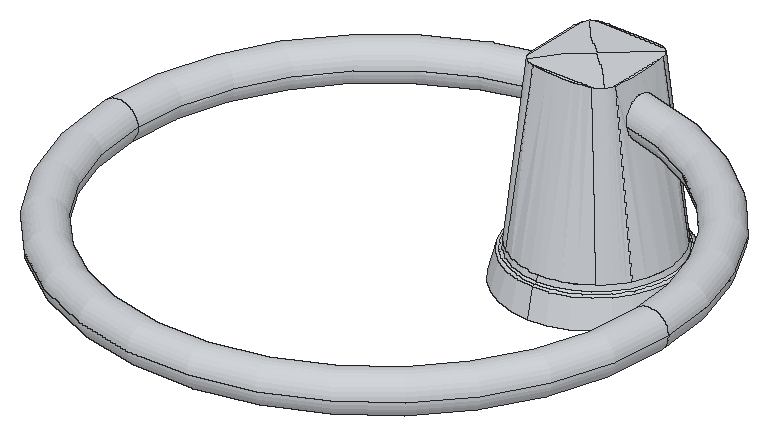
Revit family "Accessory-Towel_Ring-KOHLER-Complementary-K-5631IN_1", category Specialty Equipment, host Face, Revit 2017
Family settings
  Host = Face
  Round Connector Dimension = Use Diameter
  Part Type = Normal
  OmniClass Number = 23.31.25.00
  Cut with Voids When Loaded = No
  Shared = No
  Room Calculation Point = No
Parameters (values of type "CP-Polished Chrome")
  Width = 5.90551"  # constant formula
  WaterSense Certified = 1 = 0  # no
  URL = "https://www.kohler.co.in/"
  Type = 1
  Product Page URL = "https://www.kohler.co.in/product-detail/5631in?skuid=K-5631IN-CP"
  Product Name = "Complementary"  # constant formula
  Product Documentation Link = ""
  Model = if(Type = 1, "K-5631IN-CP", if(Type = 2, "K-5631IN-AF", "NA"))  # "K-5631IN-CP"
  Material = "Premium Metal Construction"  # constant formula
  Master Format 2014 Name = "Toilet, Bath, and Laundry Accessories"  # constant formula
  Master Format 2014 = "10 28 00"  # constant formula
  Manufacturer Address = "Ambience Office Tower NH-8 Gurgaon / Gurugram Haryana , 122001"  # constant formula
  Manufacturer = "KOHLER Co."  # constant formula
  Length = 2.08661"  # constant formula
  Height = 6.53543"  # constant formula
  Finish = Kohler-Metal-CP-Polished_Chrome
  Environmental Product Declaration = ""
  Description = "Towel Ring"  # constant formula
  Default Elevation = 42"
  Declare Label = ""
  Date Modified = "09/07/2020"  # constant formula
  Date Created = "09/07/2020"  # constant formula
  Copyright = "Copyright KOHLER Co."  # constant formula
  Contact Us = "https://www.kohler.co.in/contact-us"
  Assembly Code = "C1030200"
  ADA Compliant = 1 = 0  # no
Types (3): name | Type | Product Page URL | Model | Finish
  (no name) | 1 | "https://www.kohler.co.in/product-detail/5631in?skuid=K-5631IN-CP" | "K-5631IN-CP" | Kohler-Metal-CP-Polished_Chrome
  CP-Polished Chrome | 1 | "https://www.kohler.co.in/product-detail/5631in?skuid=K-5631IN-CP" | "K-5631IN-CP" | Kohler-Metal-CP-Polished_Chrome
  AF-Flange Gold | 2 | "https://www.kohler.co.in/product-detail/5631in?skuid=K-5631IN-AF" | "K-5631IN-AF" | Kohler-Metal-AF-Flange_Gold
Reference planes (in)
  plane 1 "Center (Front/Back)": y = 0
  plane 2: z = 0
  plane 3 "Center (Left/Right)": x = 0
  plane 4: x = 2.95276
  plane 5: x = -2.95276
  plane 6: y = 0.88583
  plane 7: y = -5.64961
  plane 8: y = -2.74016
  plane 9: z = 2.08661
  plane 10: y = -0.88583
  plane 11: z = 1.88974
  plane 12: z = 1.49539
  plane 13: x = 0.88607
  plane 14: x = -0.88607
  plane 15: z = 0.28346
Dimensions and locks (in)
  "Width": plane 5 to plane 4
  "Height": plane 6 to plane 7
  "Length": plane 9 to level
  locked: plane 10 to plane 6 at 1.77165
  aligned and locked: plane 2 to host face
  aligned and locked: level to host face
Automatic sketch dimensions
  host sketch curve to host sketch curve = 96"  (x2)
Nested families (in)
  nested 1: "K-5631IN" at (0, 0, 0), type "K-5631IN"
Definition of nested family "K-5631IN"
  Parameters (values of type "K-5631IN")
    Material = none
  Reference planes (in)
    plane 1 "Center (Front/Back)": y = 0
    plane 2: z = 0
    plane 3 "Center (Left/Right)": x = 0
    plane 4: x = 2.95276
    plane 5: z = 2.08661
    plane 6: y = 0.88583
    plane 7: y = -0.88583
    plane 8: y = -5.65354
    plane 9: z = 0.35433
    plane 10: z = 1.69291
    plane 11: z = 1.51444
    plane 12: y = -2.74016
    plane 13: x = -2.95276
  Forms (in)
    Revolve 1, solid, material <- "Material", detail levels medium+fine
      sketch origin (0, 0, 0) x (0, 1, 0) y (0, 0, 1)
        loop
          line (0.88583, 0) -> (0.81406, 0.26783)
          arc (0.81406, 0.26783) -> (0.80495, 0.28033) -> (0.7898, 0.28346) r 0.02148
          arc (0.7898, 0.28346) -> (0.77377, 0.28558) -> (0.76415, 0.29857) r 0.02069
          line (0.76415, 0.29857) -> (0.75075, 0.35433) -> (0, 0.35433) -> (0, 0) -> (0.88583, 0)
        axis (0, 0) -> (0, 0.35433)
      angle from 0 to 360
    Blend 2, solid, material <- "Material", detail levels medium+fine
      base sketch origin (0, -6.15255, 0.35433) x (0, -1, 0) y (1, 0, 0)
        loop
          arc (-6.77477, 0.42007) -> (-6.90329, -0.001) -> (-6.77365, -0.42173) r 0.75075
          arc (-6.77365, -0.42173) -> (-6.71382, -0.4986) -> (-6.64454, -0.56707) r 0.75075
          arc (-6.64454, -0.56707) -> (-6.16604, -0.75063) -> (-5.68125, -0.58438) r 0.75075
          arc (-5.68125, -0.58438) -> (-5.61384, -0.52289) -> (-5.55438, -0.45368) r 0.75075
          arc (-5.55438, -0.45368) -> (-5.40183, 0.00641) -> (-5.56221, 0.46382) r 0.75075
          arc (-5.56221, 0.46382) -> (-5.66547, 0.5713) -> (-5.78793, 0.65626) r 0.75075
          arc (-5.78793, 0.65626) -> (-6.20127, 0.74916) -> (-6.5991, 0.6035) r 0.75075
          arc (-6.5991, 0.6035) -> (-6.69475, 0.51927) -> (-6.77477, 0.42007) r 0.75075
      top sketch origin (0, -6.15255, 0.35433) x (0, -1, 0) y (1, 0, 0)
        loop
          arc (-6.5989, -0.30076) -> (-6.55368, -0.3948) -> (-6.45925, -0.43918) r 0.15569
          arc (-6.45925, -0.43918) -> (-6.15377, -0.4542) -> (-5.84826, -0.4396) r 3.15851
          arc (-5.84826, -0.4396) -> (-5.75201, -0.39447) -> (-5.70597, -0.29865) r 0.15838
          arc (-5.70597, -0.29865) -> (-5.69018, 0.00091) -> (-5.70619, 0.30046) r 2.82989
          arc (-5.70619, 0.30046) -> (-5.75163, 0.39491) -> (-5.84652, 0.43943) r 0.15631
          arc (-5.84652, 0.43943) -> (-6.15159, 0.4542) -> (-6.45667, 0.43943) r 3.15851
          arc (-6.45667, 0.43943) -> (-6.55305, 0.39419) -> (-6.59914, 0.29822) r 0.15868
          arc (-6.59914, 0.29822) -> (-6.61491, -0.00128) -> (-6.5989, -0.30076) r 2.82989
      from 0 to 1.73228
    Sweep 3, solid, material <- "Material", detail levels medium+fine
      path origin (0, 0, 1.69291) x (1, 0, 0) y (0, 1, 0)
        loop
          circle (0, -2.74016) r 2.74289
      profile origin (0, -5.48305, 1.69291) x (0, -1, 0) y (0, 0, 1)
        loop
          circle (0, 0) r 0.19685
    Extrusion 4, void
      sketch origin (0, 0, 0) x (1, 0, 0) y (0, 0, 1)
        loop
          arc (-0.42499, 2.06242) -> (0.00521, 2.08637) -> (0.43539, 2.06194) r 3.83714
          arc (0.43539, 2.06194) -> (0.47544, 2.04516) -> (0.50018, 2.00948) r 0.07753
          line (0.50018, 2.00948) -> (1.03651, 2.00948) -> (1.03651, 2.87548) -> (-1.12884, 2.87548) -> (-1.12884, 2.00948) -> (-0.50018, 2.00948)
          arc (-0.50018, 2.00948) -> (-0.46937, 2.04558) -> (-0.42499, 2.06242) r 0.09562
      from -0.63969 to 0.90873
    Extrusion 5, void
      sketch origin (0, 0, 0) x (0, 1, 0) y (0, 0, 1)
        loop
          arc (-0.43787, 2.06275) -> (-0.00103, 2.085) -> (0.43582, 2.06275) r 4.29775
          arc (0.43582, 2.06275) -> (0.48012, 2.04406) -> (0.50636, 2.00376) r 0.08208
          line (0.50636, 2.00376) -> (0.50636, 2.42485) -> (-0.50636, 2.42485) -> (-0.50636, 2.00376)
          arc (-0.50636, 2.00376) -> (-0.48138, 2.04402) -> (-0.43787, 2.06275) r 0.07899
      from -0.93717 to 1.52455
    Revolve 6, solid, material <- "Material", detail levels coarse
      sketch origin (0, 0, 0) x (1, 0, 0) y (0, 0, 1)
        loop
          line (0.88583, 0) -> (0.80999, 0.28304) -> (0.76985, 0.28304) -> (0.75075, 0.35433) -> (0, 0.35433) -> (0, 0) -> (0.88583, 0)
        axis (0, 0.35433) -> (0, 0)
      angle from 0 to 360
    Blend 7, solid, material <- "Material", detail levels coarse
      base sketch origin (0, -6.15255, 0.35433) x (0, -1, 0) y (1, 0, 0)
        loop
          arc (-6.7844, 0.40545) -> (-6.90323, -0.0095) -> (-6.77393, -0.42131) r 0.75075
          arc (-6.77393, -0.42131) -> (-6.68688, -0.52736) -> (-6.58198, -0.6158) r 0.75075
          arc (-6.58198, -0.6158) -> (-6.16165, -0.75069) -> (-5.73818, -0.62604) r 0.75075
          arc (-5.73818, -0.62604) -> (-5.63933, -0.54793) -> (-5.55492, -0.45439) r 0.75075
          arc (-5.55492, -0.45439) -> (-5.4018, -0.001) -> (-5.55371, 0.45279) r 0.75075
          arc (-5.55371, 0.45279) -> (-5.64995, 0.55769) -> (-5.76425, 0.64253) r 0.75075
          arc (-5.76425, 0.64253) -> (-6.18327, 0.75012) -> (-6.59209, 0.60862) r 0.75075
          arc (-6.59209, 0.60862) -> (-6.69779, 0.51607) -> (-6.7844, 0.40545) r 0.75075
      top sketch origin (0, -6.15255, 0.35433) x (0, -1, 0) y (1, 0, 0)
        loop
          spline (-6.60181, 0.30008) -> (-6.6079, 0.24889) -> (-6.61285, 0.19757) -> (-6.61666, 0.14615) -> (-6.61933, 0.09465) -> (-6.62086, 0.0431) -> (-6.62125, -0.00848) -> (-6.6205, -0.06005) -> (-6.6186, -0.11159) -> (-6.61557, -0.16307) -> (-6.61139, -0.21446) -> (-6.60608, -0.26574) -> (-6.59963, -0.31688)
          arc (-6.59963, -0.31688) -> (-6.55356, -0.40409) -> (-6.46218, -0.44121) r 0.14402
          spline (-6.46218, -0.44121) -> (-6.41103, -0.44716) -> (-6.35976, -0.45204) -> (-6.30838, -0.45586) -> (-6.25693, -0.4586) -> (-6.20544, -0.46027) -> (-6.15391, -0.46087) -> (-6.10239, -0.46039) -> (-6.05089, -0.45884) -> (-5.99943, -0.45621) -> (-5.94805, -0.45252) -> (-5.89676, -0.44775) -> (-5.8456, -0.44191)
          arc (-5.8456, -0.44191) -> (-5.75562, -0.40066) -> (-5.70564, -0.31522) r 0.16437
          spline (-5.70564, -0.31522) -> (-5.69907, -0.26323) -> (-5.69368, -0.2111) -> (-5.68947, -0.15884) -> (-5.68646, -0.10651) -> (-5.68464, -0.05411) -> (-5.68402, -0.00168) -> (-5.68458, 0.05074) -> (-5.68634, 0.10314) -> (-5.68929, 0.15548) -> (-5.69343, 0.20774) -> (-5.69876, 0.25988) -> (-5.70527, 0.31188)
          arc (-5.70527, 0.31188) -> (-5.75215, 0.40229) -> (-5.84564, 0.44266) r 0.15167
          spline (-5.84564, 0.44266) -> (-5.89657, 0.44801) -> (-5.94758, 0.45237) -> (-5.99868, 0.45575) -> (-6.04983, 0.45815) -> (-6.10103, 0.45956) -> (-6.15224, 0.45999) -> (-6.20345, 0.45943) -> (-6.25463, 0.45788) -> (-6.30578, 0.45535) -> (-6.35687, 0.45184) -> (-6.40787, 0.44734) -> (-6.45878, 0.44186)
          arc (-6.45878, 0.44186) -> (-6.55459, 0.39548) -> (-6.60181, 0.30008) r 0.16416
      from 0 to 1.73228
    Sweep 8, solid, material <- "Material", detail levels coarse
      path origin (0, 0, 1.69291) x (1, 0, 0) y (0, 1, 0)
        loop
          circle (0, -2.74016) r 2.74016
      profile origin (0, -5.48031, 1.69291) x (0, -1, 0) y (0, 0, 1)
        loop
          circle (0, 0) r 0.19685
  Cuts and joins
    Extrusion 4, Extrusion 5 cuts Blend 2
    joined: Blend 2, Sweep 3
    joined: Revolve 6, Blend 7, Sweep 8
  Lines and regions (in)
    Masking region 1
      outline origin (0, 0, 0) x (1, 0, 0) y (0, 0, 1)
        loop
          line (-0.88583, 0) -> (0.88583, 0) -> (0.81352, 0.26878)
          arc (0.81352, 0.26878) -> (0.80457, 0.28082) -> (0.7898, 0.28346) r 0.02036
          arc (0.7898, 0.28346) -> (0.77299, 0.28674) -> (0.76342, 0.30094) r 0.02237
          line (0.76342, 0.30094) -> (0.75075, 0.35433) -> (0.55621, 1.49539) -> (2.75591, 1.49539)
          arc (2.75591, 1.49539) -> (2.95308, 1.69256) -> (2.75591, 1.88974) r 0.19717
          line (2.75591, 1.88974) -> (0.48764, 1.88974) -> (0.4596, 2.05509)
          arc (0.4596, 2.05509) -> (0.44249, 2.06012) -> (0.42491, 2.06311) r 0.15228
          arc (0.42491, 2.06311) -> (-0.00006, 2.08637) -> (-0.42499, 2.06242) r 3.83714
          arc (-0.42499, 2.06242) -> (-0.44316, 2.05856) -> (-0.46025, 2.05127) r 0.09562
          line (-0.46025, 2.05127) -> (-0.48764, 1.88974) -> (-2.75591, 1.88974)
          arc (-2.75591, 1.88974) -> (-2.95308, 1.69256) -> (-2.75591, 1.49539) r 0.19717
          line (-2.75591, 1.49539) -> (-0.55621, 1.49539) -> (-0.75075, 0.35433) -> (-0.76342, 0.30094)
          arc (-0.76342, 0.30094) -> (-0.77299, 0.28674) -> (-0.7898, 0.28346) r 0.02237
          arc (-0.7898, 0.28346) -> (-0.80457, 0.28082) -> (-0.81379, 0.26885) r 0.02036
          line (-0.81379, 0.26885) -> (-0.88583, 0)
    Masking region 2
      outline origin (0, 0, 0) x (0, 1, 0) y (0, 0, 1)
        loop
          arc (-0.43582, 2.06275) -> (-0.45247, 2.05927) -> (-0.46805, 2.05244) r 0.08208
          line (-0.46805, 2.05244) -> (-0.49581, 1.88752) -> (-5.48359, 1.88752)
          arc (-5.48359, 1.88752) -> (-5.68044, 1.69067) -> (-5.48359, 1.49382) r 0.19685
          line (-5.48359, 1.49382) -> (-0.56206, 1.49382) -> (-0.7622, 0.30454)
          arc (-0.7622, 0.30454) -> (-0.77124, 0.28777) -> (-0.7898, 0.28346) r 0.02314
          arc (-0.7898, 0.28346) -> (-0.8048, 0.28073) -> (-0.81389, 0.26848) r 0.02075
          line (-0.81389, 0.26848) -> (-0.88583, 0) -> (0.88583, 0) -> (0.81389, 0.26848)
          arc (0.81389, 0.26848) -> (0.8048, 0.28073) -> (0.7898, 0.28346) r 0.02075
          arc (0.7898, 0.28346) -> (0.77124, 0.28777) -> (0.7622, 0.30454) r 0.02314
          line (0.7622, 0.30454) -> (0.46805, 2.05244)
          arc (0.46805, 2.05244) -> (0.45247, 2.05927) -> (0.43582, 2.06275) r 0.08208
          arc (0.43582, 2.06275) -> (-0.00103, 2.085) -> (-0.43787, 2.06275) r 4.29775
    Masking region 3
      outline origin (0, 0, 1.69291) x (1, 0, 0) y (0, 1, 0)
        loop
          arc (-0.88348, 0.06441) -> (0, -5.68059) -> (0.88348, 0.06441) r 2.94043
          arc (0.88348, 0.06441) -> (0, 0.88583) -> (-0.88348, 0.06441) r 0.88583
        loop
          arc (0.82189, -0.33042) -> (0, -0.88583) -> (-0.82189, -0.33042) r 0.88583
          arc (-0.82189, -0.33042) -> (0, -5.2862) -> (0.82189, -0.33042) r 2.54604
    symbolic lines, detail levels medium+fine
      curve 1: line (0.75075, 0, 0.35433) -> (-0.75075, 0, 0.35433)
      curve 2: line (0.7898, 0, 0.28346) -> (-0.7898, 0, 0.28346)
      curve 3: line (0, 0.7898, 0.28346) -> (0, -0.7898, 0.28346)
      curve 4: line (0, 0.75075, 0.35433) -> (0, -0.75075, 0.35433)
      curve 5: line (0, -0.56165, 1.49626) -> (0, -0.04271, 1.49626)
      curve 6: line (0, -0.49581, 1.88752) -> (0, -0.04271, 1.88752)
      curve 7: arc (0, -0.04271, 1.88752) -> (0, 0.15292, 1.69189) -> (0, -0.04271, 1.49626) r 0.19563
      curve 8: line (0, 0.75075, 0.35433) -> (0, -0.75075, 0.35433)
      curve 9: line (0, 0.7898, 0.28346) -> (0, -0.7898, 0.28346)
      curve 10: spline (0.30008, 0.44927, 1.69291) -> (0.24889, 0.45535, 1.69291) -> (0.19757, 0.4603, 1.69291) -> (0.14615, 0.46411, 1.69291) -> (0.09465, 0.46679, 1.69291) -> (0.0431, 0.46832, 1.69291) -> (-0.00848, 0.46871, 1.69291) -> (-0.06005, 0.46795, 1.69291) -> (-0.11159, 0.46606, 1.69291) -> (-0.16307, 0.46302, 1.69291) -> (-0.21446, 0.45885, 1.69291) -> (-0.26574, 0.45353, 1.69291) -> (-0.31688, 0.44709, 1.69291)
      curve 11: spline (-0.31522, -0.44691, 1.69291) -> (-0.26323, -0.45348, 1.69291) -> (-0.2111, -0.45887, 1.69291) -> (-0.15884, -0.46307, 1.69291) -> (-0.10651, -0.46608, 1.69291) -> (-0.05411, -0.4679, 1.69291) -> (-0.00168, -0.46853, 1.69291) -> (0.05074, -0.46797, 1.69291) -> (0.10314, -0.46621, 1.69291) -> (0.15548, -0.46326, 1.69291) -> (0.20774, -0.45912, 1.69291) -> (0.25988, -0.45379, 1.69291) -> (0.31188, -0.44727, 1.69291)
      curve 12: spline (0.44266, -0.3069, 1.69291) -> (0.44801, -0.25598, 1.69291) -> (0.45237, -0.20496, 1.69291) -> (0.45575, -0.15387, 1.69291) -> (0.45815, -0.10271, 1.69291) -> (0.45956, -0.05152, 1.69291) -> (0.45999, -0.00031, 1.69291) -> (0.45943, 0.0509, 1.69291) -> (0.45788, 0.10209, 1.69291) -> (0.45535, 0.15323, 1.69291) -> (0.45184, 0.20432, 1.69291) -> (0.44734, 0.25533, 1.69291) -> (0.44186, 0.30623, 1.69291)
      curve 13: spline (-0.44121, 0.30964, 1.69291) -> (-0.44716, 0.25848, 1.69291) -> (-0.45204, 0.20721, 1.69291) -> (-0.45586, 0.15584, 1.69291) -> (-0.4586, 0.10439, 1.69291) -> (-0.46027, 0.05289, 1.69291) -> (-0.46087, 0.00137, 1.69291) -> (-0.46039, -0.05016, 1.69291) -> (-0.45884, -0.10166, 1.69291) -> (-0.45621, -0.15311, 1.69291) -> (-0.45252, -0.2045, 1.69291) -> (-0.44775, -0.25578, 1.69291) -> (-0.44191, -0.30695, 1.69291)
      curve 14: arc (-0.31688, 0.44709, 1.69291) -> (-0.40064, 0.3979, 1.69291) -> (-0.44121, 0.30964, 1.69291) r 0.16199
      curve 15: arc (0.44186, 0.30623, 1.69291) -> (0.39548, 0.40205, 1.69291) -> (0.30008, 0.44927, 1.69291) r 0.16416
      curve 16: arc (0.31188, -0.44727, 1.69291) -> (0.40037, -0.39861, 1.69291) -> (0.44266, -0.3069, 1.69291) r 0.16153
      curve 17: arc (-0.44191, -0.30695, 1.69291) -> (-0.40066, -0.39693, 1.69291) -> (-0.31522, -0.44691, 1.69291) r 0.16437
      curve 18: arc (-0.7843, 0.09307, 1.69291) -> (0, 0.7898, 1.69291) -> (0.7843, 0.09307, 1.69291) r 0.7898
      curve 19: arc (-0.74353, 0.10387, 1.69291) -> (0, 0.75075, 1.69291) -> (0.74353, 0.10387, 1.69291) r 0.75075
      curve 20: arc (-0.69239, -0.29019, 1.69291) -> (0, -0.75075, 1.69291) -> (0.69239, -0.29019, 1.69291) r 0.75075
      curve 21: arc (-0.73013, -0.30115, 1.69291) -> (0, -0.7898, 1.69291) -> (0.73013, -0.30115, 1.69291) r 0.7898
      curve 22: arc (-0.4553, 0.16442, 1.69291) -> (-0.67108, 0.12167, 1.69291) -> (-0.88348, 0.06441, 1.69291) r 3.24809
      curve 23: arc (-0.44989, -0.2341, 1.69291) -> (-0.63767, -0.27539, 1.69291) -> (-0.82189, -0.33042, 1.69291) r 2.60351
      curve 24: arc (0.45466, 0.16452, 1.69291) -> (0.67077, 0.12174, 1.69291) -> (0.88348, 0.06441, 1.69291) r 3.24809
      curve 25: arc (0.45, -0.23412, 1.69291) -> (0.63773, -0.2754, 1.69291) -> (0.82189, -0.33042, 1.69291) r 2.60351
      curve 26: arc (-0.48764, 0, 1.88974) -> (-0.50377, 0, 1.68941) -> (-0.55621, 0, 1.49539) r 1.09586
      curve 27: arc (0.48764, 0, 1.88974) -> (0.50377, 0, 1.68941) -> (0.55621, 0, 1.49539) r 1.09586
  Dimensions and locks (in)
    aligned and locked: plane 2 to level
